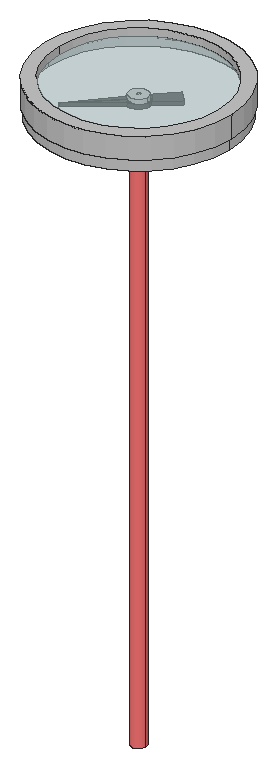
Revit family "РОСМА_ТермометрОбщетехническийСпециальный(Шток)", category Арматура трубопроводов, Revit 2018
Family settings
  Размер круглого соединителя = Использовать диаметр
  Тип детали = Вставляется
  На основе рабочей плоскости = Нет
  Всегда вертикально = Да
  При загрузке вырезать с полостями = Нет
  Общий = Нет
Parameters (values of type "23.220")
  лого_задн_стенка = no
  Техническая документация = "ТУ 4211-001-4719015564-2008"  # constant formula
  Присоединение = "Шток в виде иглы"
  Межповерочный интервал = "3 года"  # constant formula
  Климатическое исполнение = "Группа С2 по ГОСТ Р 52931; климатическое исполнение УХЛ категории 2.1 по ГОСТ 15150"  # constant formula
  Диапазон раб. температур = "от -10°С до +60°С"  # constant formula
  Осевое присоединение = yes
  Описание = "Тип БТ, серия 220. Биметаллический коррозионностойкий термометр со штоком в виде иглы (погружной термометр) предназначен для измерения температуры густых, сыпучих и вязких сред."  # constant formula
  Код IP = "IP43"  # constant formula
  Класс точности = "2,5"  # constant formula
  Изготовитель = "ЗАО \"РОСМА\""
  S1 = S * 2 / 3 ^ (1 / 2)  # 13.856 mm
  Dполости_переднСт = D2 - 6 mm  # 45 mm
  Длина стрелки = D2 / 2 - 10 mm  # 15.5 mm
  Группа модели = "Оборудование"
  e = 6 mm
  b-e = b - e  # 3 mm
  b = 9 mm
  URL = "https://rosma.spb.ru/termometers/seriya_220_obschetehnicheskie_spetsialnye_so_shtokom/"
  S = 12 mm
  R_Logo = 10 mm
  R2 шкала = 17 mm
  R1 шкала = 18 mm
  h_rezba = 15 mm
  L = 150 mm
  L1 = 3 mm
  Dgol = 18 mm
  D4 = 4 mm
  D2 = 51 mm
  D2/2 = 30 mm
  D1 = 52 mm
  D = 50 mm
  Copyright = "EPICON"  # constant formula
  Author (e-mail) = "project@epicon.biz"  # constant formula
  ADSK_Примечание [instance] = ""
  ADSK_Позиция [instance] = ""
  ADSK_Наименование [instance] = "Термометр БТ-23.220"  # constant formula
  ADSK_Масса_Текст [instance] = "0,15"  # constant formula
  ADSK_Марка [instance] = "БТ-23.220(0-200С)150.2,5"  # constant formula
  ADSK_Количество = 1  # constant formula
  ADSK_Код изделия [instance] = " "
  ADSK_Завод-изготовитель [instance] = Изготовитель  # "ЗАО \"РОСМА\""
  ADSK_Единица измерения = "шт."
Reference planes
  plane 1 "По центру (Вперед/Назад)": y = 0
  plane 2: z = 0
  plane 3 "По центру (Влево/Вправо)": x = 0
  plane 4 "b1": y = 15.6
  plane 5 "f2": y = -33.4
  plane 6 "f1": y = -15.6
  plane 7 "стекло": y = -31.4
  plane 8 "Табло": y = -16.6
  plane 9 "sr": x = 6.928
  plane 10 "sl": x = -6.928
  plane 11 "sb": y = 6
  plane 12 "sf": y = -6
  plane 13 "низкорпуса": z = 8
  plane 14: z = -150
  plane 15: z = 59.422
  plane 16: through (-10.601, -0.638, 1200) normal (0.866, 0.5, 0)
  plane 17: through (-14.234, 1.655, 1200) normal (0.866, 0.5, 0)
  plane 18: through (-17.427, 3.184, 1200) normal (0.866, 0.5, 0)
  plane 19: z = 5
Forms (mm)
  Extrusion 1, solid, material "_Краска Белый металлик", detail levels fine
    sketch origin (0, 0, 8) x (-1, 0, 0) y (0, -1, 0)
      loop
        line (6.928, -6) -> (6.928, 6) -> (-6.928, 6) -> (-6.928, -6) -> (6.928, -6)
    from -3 to -8
  Extrusion 2, solid, material "_Краска красная", detail levels fine
    sketch origin (-21.391, -1524, 2) x (-1, 0, 0) y (0, -1, 0)
      loop
        circle (-21.391, -1524) r 2
    from -152 to -2
  Extrusion 3, void
    sketch origin (61.795, -1418.285, 2) x (-1, 0, 0) y (0, -1, 0)
      loop
        line (106.56, -1443.285) -> (106.56, -1393.285) -> (54.29, -1393.285) -> (68.723, -1418.285) -> (54.29, -1443.285) -> (106.56, -1443.285)
    from -2 to 3
  Extrusion 4, void
    sketch origin (-65.061, -1538.635, 2) x (-1, 0, 0) y (0, -1, 0)
      loop
        line (-116.489, -1563.635) -> (-57.555, -1563.635) -> (-71.989, -1538.635) -> (-57.555, -1513.635) -> (-116.489, -1513.635) -> (-116.489, -1563.635)
    from -2 to 3
  Extrusion 5, solid, material "_Краска Белый металлик", detail levels fine
    sketch origin (-21.391, -1524, 2) x (-1, 0, 0) y (0, -1, 0)
      loop
        circle (-21.391, -1524) r 15
    from 3 to 6
Cuts and joins
  Extrusion 3, Extrusion 4 cuts Extrusion 1
Lines and regions (mm)
  reference lines
    curve 1: circle (0, 0, 8) r 10 normal (0, 0, 1)
Dimensions and locks
  plane 5 "f2" to plane 1 "По центру (Вперед/Назад)" = 33.4 mm
  plane 1 "По центру (Вперед/Назад)" to plane 6 "f1" = 15.6 mm
  plane 4 "b1" to plane 1 "По центру (Вперед/Назад)" = 15.6 mm
  plane 7 "стекло" to plane 5 "f2" = 2 mm
  locked: plane 6 "f1" to plane 8 "Табло" at 1
  plane 3 "По центру (Влево/Вправо)" to plane 9 "sr" = 6.928 mm
  plane 10 "sl" to plane 3 "По центру (Влево/Вправо)" = 6.928 mm
  plane 13 "низкорпуса" to plane 19 = 3 mm
  equal spacing: plane 11 "sb", plane 1 "По центру (Вперед/Назад)", plane 12 "sf"
  equal spacing: plane 10 "sl", plane 3 "По центру (Влево/Вправо)", plane 9 "sr"
  "S1": plane 10 "sl" to plane 9 "sr"
  "S": plane 11 "sb" to plane 12 "sf"
  plane 15 to plane 13 "низкорпуса" = 51.422 mm
  equal spacing: Extrusion 3 sketch curve, Extrusion 3 sketch curve, Extrusion 3 sketch curve
  equal spacing: Extrusion 3, plane 1 "По центру (Вперед/Назад)", Extrusion 3
  equal spacing: Extrusion 4, plane 1 "По центру (Вперед/Назад)", Extrusion 4
  Extrusion 4 to Extrusion 4 = 50 mm
  Extrusion 3 to Extrusion 3 = 50 mm
  equal spacing: Extrusion 4 sketch curve, Extrusion 4 sketch curve, Extrusion 4 sketch curve
  "L": plane 2 to plane 14
  plane 16 to plane 17 to plane 18 = 2 mm, 2 mm
  plane 19 to plane 2 = 5 mm
  "D4": diameter of Extrusion 2 sketch curve
  "D2/2": diameter of Extrusion 5 sketch curve
  angle Extrusion 3 sketch curve to Extrusion 3 sketch curve = 120.00°
  angle Extrusion 3 sketch curve to Extrusion 3 sketch curve = 60.00°  (x2)
  angle Extrusion 4 sketch curve to Extrusion 4 sketch curve = 60.00°  (x2)
  angle Extrusion 4 sketch curve to Extrusion 4 sketch curve = 120.00°
  aligned and locked: level to plane 2
  aligned and locked: Extrusion 2 to plane 14
  aligned and locked: cut or joined group of Extrusion 1, Extrusion 3, Extrusion 4 to plane 2
  aligned and locked: plane 2 to Extrusion 2
  aligned and locked: nested 1 to plane 13 "низкорпуса"
  aligned and locked: plane 3 "По центру (Влево/Вправо)" to nested 1
  aligned and locked: plane 1 "По центру (Вперед/Назад)" to nested 1
  aligned and locked: Extrusion 3 to plane 2
  aligned and locked: Extrusion 4 to plane 2
  aligned and locked: plane 1 "По центру (Вперед/Назад)" to Extrusion 4
  aligned and locked: plane 9 "sr" to Extrusion 4
  aligned and locked: cut or joined group of Extrusion 1, Extrusion 3, Extrusion 4 to plane 19
  aligned and locked: Extrusion 4 to Extrusion 1
  aligned and locked: Extrusion 3 to Extrusion 1
  aligned and locked: plane 19 to Extrusion 5
  aligned and locked: plane 13 "низкорпуса" to Extrusion 5
  aligned and locked: plane 3 "По центру (Влево/Вправо)" to nested 2
  aligned and locked: plane 1 "По центру (Вперед/Назад)" to nested 2
Automatic sketch dimensions
  Extrusion 1 sketch curve to plane 9 "sr" = 0 mm
  Extrusion 1 sketch curve to plane 10 "sl" = 0 mm
  Extrusion 1 sketch curve to plane 11 "sb" = 0 mm
  Extrusion 1 sketch curve to plane 12 "sf" = 0 mm
  plane 1 "По центру (Вперед/Назад)" to curve 1 = 0 mm
  curve 1 to plane 3 "По центру (Влево/Вправо)" = 0 mm
  plane 1 "По центру (Вперед/Назад)" to Extrusion 2 sketch curve = 0 mm
  Extrusion 2 sketch curve to plane 3 "По центру (Влево/Вправо)" = 0 mm
  plane 1 "По центру (Вперед/Назад)" to Extrusion 3 sketch curve = 0 mm
  Extrusion 3 sketch curve to plane 10 "sl" = 0 mm
  plane 5 "f2" to Extrusion 3 sketch curve = 8.4 mm
  Extrusion 3 sketch curve to plane 10 "sl" = 37.837 mm
  Extrusion 4 sketch curve to plane 11 "sb" = 6 mm
  Extrusion 4 sketch curve to plane 9 "sr" = 14.434 mm
  Extrusion 4 sketch curve to Extrusion 4 sketch curve = 44.5 mm
  plane 9 "sr" to Extrusion 4 sketch curve = 0 mm
  plane 1 "По центру (Вперед/Назад)" to Extrusion 5 sketch curve = 0 mm
  Extrusion 5 sketch curve to plane 3 "По центру (Влево/Вправо)" = 0 mm
  radius of curve 1 = 10 mm
Nested families
  nested 1: "КорпусТермометраОбщетехническСпец(Шток)" at (0, 0, 9.5) x (1, 0, 0) z (0, 1, 0), visible <- "Осевое присоединение", D1 <- "D1", D2 <- "D2", R2_шкала <- "R2 шкала", R1_шкала <- "R1 шкала", Длина стрелки <- "Длина стрелки", Диаметр полости <- "D2", R_лого <- "R_Logo", e <- "e", b-е <- "b-e", лого_задн_стенка <- "лого_задн_стенка", Dполости_переднСт <- "Dполости_переднСт", type "ТМ", detail levels fine
    with лого_задн_стенка no, Угол раскрытия 0.00°, Длина стрелки 15.5 mm, Диаметр полости 51 mm, e 6 mm, b-е 3 mm, R_лого 10 mm, R2_шкала 17 mm, R1_шкала 18 mm, N2_шкала 0, N1_шкала 0, Dполости_переднСт 45 mm, D2 51 mm, D1 52 mm
  nested 2: "DAA_УГО_ТермометрПоказывающий_ГОСТ21.208-2013" at (0, 0, 0), type "DAA_УГО_ТермометрПоказывающий_ГОСТ21.208-2013", detail levels coarse+medium
Definition of nested family "КорпусТермометраОбщетехническСпец(Шток)"
  Parameters (values of type "ТМ")
    лого_задн_стенка [instance] = yes
    блокировка = 16.236 mm
    блок = 0 mm
    Угол раскрытия [instance] = 0.00°
    Description = ""
    Материал корпуса [instance] = none
    Manufacturer = ""
    Длина стрелки [instance] = 30.558 mm
    Диаметр полости [instance] = 98 mm
    Model = "Оборудование"
    e [instance] = 13.8 mm
    b-е [instance] = 31.2 mm
    URL = ""
    R_лого [instance] = 21.593 mm
    N2_шкала [instance] = 0
    N1_шкала [instance] = 0
    Dполости_переднСт [instance] = 70 mm
    D2 [instance] = 98 mm
    D1 [instance] = 100 mm
    Copyright = "ЭПИКОН"  # constant formula
    Author (e-mail) = "https://epicon.biz"  # constant formula
    R2_шкала [instance] = 80 mm
    R1_шкала [instance] = 60 mm
  Reference planes
    plane 1 "По центру (Вперед/Назад)": y = 0
    plane 2: z = 0
    plane 3 "По центру (Влево/Вправо)": x = 0
    plane 4 "задняя стенка": y = 15.6
    plane 5 "f2": y = -29.4
    plane 6 "f1": y = -15.6
    plane 7 "стекло": y = -27.4
    plane 8 "Табло": y = -16.6
    plane 9 "sr": x = 11
    plane 10 "sl": x = -11
    plane 11 "sb": y = 11
    plane 12 "sf": y = -11
    plane 13: z = -49
    plane 14: through (-2.116, -1524, -0.789) normal (0.7071, 0, 0.7071)
    plane 15: through (0, -1524, 0) normal (0.7071, 0, -0.7071)
    plane 16: through (-25.815, -1524, -20.305) normal (0.7071, 0, 0.7071)
    plane 17: y = 15.6
    plane 18 "толщина стрелки": y = -16.6
    plane 19: through (-0.014, -1523, -0.013) normal (0.7071, 0, -0.7071)
  Forms (mm)
    Extrusion 1, void
      sketch origin (-603.868, 0, -179.968) x (1, 0, 0) y (0, 0, 1)
        loop
          circle (603.868, 179.968) r 49
      from 15.6 to 27.4
    Extrusion 2, solid, detail levels fine
      sketch origin (-355.068, -27.4, -174.854) x (-1, 0, 0) y (0, 0, 1)
        loop
          circle (-355.068, 174.854) r 49
      from 0 to 2
    Extrusion 3, solid, material <- "Материал корпуса", detail levels fine
      sketch origin (-402.089, 0, -169.881) x (1, 0, 0) y (0, 0, 1)
        loop
          circle (402.089, 169.881) r 50
      from 15.6 to 29.4
    Extrusion 4, solid, material <- "Материал корпуса", detail levels fine
      sketch origin (-312.609, 0, -285.527) x (1, 0, 0) y (0, 0, 1)
        loop
          circle (312.609, 285.527) r 49
      from -15.6 to 15.6
    Extrusion 5, solid
      sketch origin (0, -16.6, 0) x (-1, 0, 0) y (0, 0, 1)
        loop
          line (23.06, -23.06) -> (2.291, -0.614) -> (1.452, -1.452) -> (23.06, -23.06)
      from 0 to 1
    Extrusion 6, solid
      sketch origin (0, -16.6, 0) x (0, 0, -1) y (-1, 0, 0)
        loop
          line (23.06, 23.06) -> (1.452, 1.452) -> (2.291, 0.614) -> (23.06, 23.06)
      from 0 to 1
    Extrusion 7, void
      sketch origin (0, -16.6, 0) x (-1, 0, 0) y (0, 0, 1)
        loop
          circle (0, 0) r 35
      from -12.8 to -10.8
    Extrusion 8, solid, detail levels fine
      sketch origin (-312.609, -15.6, -285.527) x (1, 0, 0) y (0, 0, 1)
        loop
          circle (312.589, 285.493) r 3
      from 0 to 1
    Extrusion 9, solid
      sketch origin (55.631, -16.6, 0) x (1, 0, 0) y (0, 0, 1)
        loop
          circle (-55.684, 0) r 2.5
        loop
          circle (-55.698, 0.013) r 0.5
      from -1 to 1
    Extrusion 10, solid
      sketch origin (-312.609, -15.6, -285.527) x (1, 0, 0) y (0, 0, 1)
        loop
          line (309.884, 284.517) -> (311.629, 282.771) -> (321.154, 290.763) -> (318.183, 293.734) -> (309.884, 284.517)
      from 0 to 1
  Cuts and joins
    Extrusion 1, Extrusion 7 cuts Extrusion 3
  Lines and regions (mm)
    model lines, visible <- "лого_задн_стенка", not visible
      curve 1: line (97.62, 15.6, 6.514) -> (97.62, 15.6, 2.045)
      curve 2: line (97.62, 15.6, 2.045) -> (96.54, 15.6, 2.045)
      curve 3: line (96.54, 15.6, 2.045) -> (96.54, 15.6, 3.335)
      curve 4: line (96.54, 15.6, 3.335) -> (95.49, 15.6, 3.335)
      curve 5: line (95.712, 15.6, 6.514) -> (97.62, 15.6, 6.514)
      curve 6: arc (95.712, 15.6, 6.514) -> (94.35, 15.6, 5.012) -> (95.49, 15.6, 3.335) r 1.639
      curve 7: line (95.834, 15.6, 5.755) -> (96.697, 15.6, 5.755)
      curve 8: line (96.697, 15.6, 5.755) -> (96.697, 15.6, 4.198)
      curve 9: line (96.697, 15.6, 4.198) -> (95.834, 15.6, 4.198)
      curve 10: arc (95.834, 15.6, 5.755) -> (95.056, 15.6, 4.977) -> (95.834, 15.6, 4.198) r 0.779
      curve 11: circle (91.712, 15.6, 4.198) r 2.25 normal (0, -1, 0)
      curve 12: circle (91.712, 15.6, 4.198) r 1.301 normal (0, -1, 0)
      curve 13: arc (85.593, 15.6, 5.171) -> (87.99, 15.6, 4.265) -> (85.603, 15.6, 3.335) r 1.372
      curve 14: arc (84.964, 15.6, 2.754) -> (88.939, 15.6, 4.277) -> (84.964, 15.6, 5.801) r 2.28
      curve 15: line (84.964, 15.6, 5.801) -> (85.593, 15.6, 5.171)
      curve 16: line (85.603, 15.6, 3.335) -> (84.964, 15.6, 2.754)
      curve 17: line (84.167, 15.6, 2.029) -> (84.167, 15.6, 6.597)
      curve 18: line (84.167, 15.6, 6.597) -> (83.045, 15.6, 6.597)
      curve 19: line (83.045, 15.6, 6.597) -> (81.77, 15.6, 3.983)
      curve 20: line (81.77, 15.6, 3.983) -> (80.438, 15.6, 6.597)
      curve 21: line (80.438, 15.6, 6.597) -> (79.394, 15.6, 6.597)
      curve 22: line (79.394, 15.6, 6.597) -> (79.394, 15.6, 2.029)
      curve 23: line (79.394, 15.6, 2.029) -> (80.365, 15.6, 2.029)
      curve 24: line (80.365, 15.6, 2.029) -> (80.365, 15.6, 4.099)
      curve 25: line (80.365, 15.6, 4.099) -> (81.305, 15.6, 2.595)
      curve 26: line (81.305, 15.6, 2.595) -> (82.194, 15.6, 2.595)
      curve 27: line (82.194, 15.6, 2.595) -> (83.119, 15.6, 4.134)
      curve 28: line (83.119, 15.6, 4.134) -> (83.119, 15.6, 2.029)
      curve 29: line (83.119, 15.6, 2.029) -> (84.167, 15.6, 2.029)
      curve 30: line (78.906, 15.6, 2.029) -> (77.704, 15.6, 6.517)
      curve 31: line (77.704, 15.6, 6.517) -> (76.253, 15.6, 6.517)
      curve 32: line (76.253, 15.6, 6.517) -> (75.05, 15.6, 2.029)
      curve 33: line (75.05, 15.6, 2.029) -> (76.023, 15.6, 2.029)
      curve 34: line (76.023, 15.6, 2.029) -> (76.374, 15.6, 3.173)
      curve 35: line (76.374, 15.6, 3.173) -> (77.569, 15.6, 3.173)
      curve 36: line (77.569, 15.6, 3.173) -> (77.92, 15.6, 2.029)
      curve 37: line (77.92, 15.6, 2.029) -> (78.906, 15.6, 2.029)
      curve 38: line (77.47, 15.6, 4.202) -> (76.506, 15.6, 4.202)
      curve 39: line (76.506, 15.6, 4.202) -> (76.95, 15.6, 5.65)
      curve 40: line (76.95, 15.6, 5.65) -> (77.47, 15.6, 4.202)
      curve 41: arc (87.126, 15.6, 18.346) -> (89.931, 15.6, 13.899) -> (85.119, 15.6, 11.78) r 3.471
      curve 42: arc (87.164, 15.6, 20.585) -> (92.034, 15.6, 12.938) -> (83.388, 15.6, 10.21) r 5.715
      curve 43: line (83.388, 15.6, 10.21) -> (85.119, 15.6, 11.78)
      curve 44: line (87.126, 15.6, 18.346) -> (87.126, 15.6, 17.124)
      curve 45: line (87.126, 15.6, 17.124) -> (84.252, 15.6, 19.536)
      curve 46: line (84.252, 15.6, 19.536) -> (87.126, 15.6, 21.948)
      curve 47: line (87.126, 15.6, 21.948) -> (87.164, 15.6, 20.585)
      curve 48: arc (83.468, 15.6, 20.663) -> (79.577, 15.6, 17.734) -> (82.187, 15.6, 13.622) r 3.59
      curve 49: arc (82.763, 15.6, 18.317) -> (81.865, 15.6, 17.051) -> (82.819, 15.6, 15.827) r 1.3
      curve 50: line (83.468, 15.6, 20.663) -> (82.175, 15.6, 19.499)
      curve 51: line (82.175, 15.6, 19.499) -> (83.518, 15.6, 18.332)
      curve 52: line (83.518, 15.6, 18.332) -> (82.763, 15.6, 18.317)
      curve 53: line (82.819, 15.6, 15.827) -> (86.12, 15.6, 15.827)
      curve 54: line (86.12, 15.6, 15.827) -> (86.917, 15.6, 15.03)
      curve 55: line (86.917, 15.6, 15.03) -> (81.209, 15.6, 9.322)
      curve 56: line (81.209, 15.6, 9.322) -> (79.962, 15.6, 11.397)
      curve 57: line (79.962, 15.6, 11.397) -> (82.187, 15.6, 13.622)
    model lines, detail levels fine
      curve 58: line (60.033, -15.6, -60.174) -> (58.238, -15.6, -58.379)
      curve 59: line (-60.174, -15.6, -60.033) -> (-58.379, -15.6, -58.238)
      curve 60: line (63.15, -15.6, -56.894) -> (61.262, -15.6, -55.197)
      curve 61: line (66.088, -15.6, -53.453) -> (64.113, -15.6, -51.858)
      curve 62: line (68.885, -15.6, -49.797) -> (66.826, -15.6, -48.312)
      curve 63: line (71.452, -15.6, -46.038) -> (69.316, -15.6, -44.666)
      curve 64: line (73.813, -15.6, -42.148) -> (71.607, -15.6, -40.892)
      curve 65: line (75.963, -15.6, -38.137) -> (73.693, -15.6, -37)
      curve 66: line (77.896, -15.6, -34.016) -> (75.568, -15.6, -33.003)
      curve 67: line (79.605, -15.6, -29.798) -> (77.226, -15.6, -28.911)
      curve 68: line (81.086, -15.6, -25.494) -> (78.663, -15.6, -24.736)
      curve 69: line (82.334, -15.6, -21.118) -> (79.874, -15.6, -20.49)
      curve 70: line (83.346, -15.6, -16.681) -> (80.857, -15.6, -16.185)
      curve 71: line (84.12, -15.6, -12.196) -> (81.607, -15.6, -11.835)
      curve 72: line (84.652, -15.6, -7.676) -> (82.123, -15.6, -7.45)
      curve 73: line (84.941, -15.6, -3.134) -> (82.404, -15.6, -3.043)
      curve 74: line (84.987, -15.6, 1.417) -> (82.449, -15.6, 1.372)
      curve 75: line (84.79, -15.6, 5.964) -> (82.258, -15.6, 5.783)
      curve 76: line (84.349, -15.6, 10.494) -> (81.83, -15.6, 10.177)
      curve 77: line (83.666, -15.6, 14.993) -> (81.168, -15.6, 14.543)
      curve 78: line (82.744, -15.6, 19.45) -> (80.273, -15.6, 18.866)
      curve 79: line (81.584, -15.6, 23.851) -> (79.149, -15.6, 23.136)
      curve 80: line (80.191, -15.6, 28.183) -> (77.797, -15.6, 27.339)
      curve 81: line (78.567, -15.6, 32.435) -> (76.222, -15.6, 31.464)
      curve 82: line (76.718, -15.6, 36.594) -> (74.429, -15.6, 35.498)
      curve 83: line (74.65, -15.6, 40.648) -> (72.422, -15.6, 39.431)
      curve 84: line (72.367, -15.6, 44.585) -> (70.208, -15.6, 43.251)
      curve 85: line (69.877, -15.6, 48.395) -> (67.792, -15.6, 46.947)
      curve 86: line (67.187, -15.6, 52.065) -> (65.182, -15.6, 50.508)
      curve 87: line (64.304, -15.6, 55.587) -> (62.385, -15.6, 53.924)
      curve 88: line (61.236, -15.6, 58.949) -> (59.409, -15.6, 57.186)
      curve 89: line (57.993, -15.6, 62.142) -> (56.263, -15.6, 60.284)
      curve 90: line (54.584, -15.6, 65.157) -> (52.956, -15.6, 63.209)
      curve 91: line (51.018, -15.6, 67.985) -> (49.497, -15.6, 65.953)
      curve 92: line (47.306, -15.6, 70.618) -> (45.896, -15.6, 68.508)
      curve 93: line (43.459, -15.6, 73.049) -> (42.163, -15.6, 70.866)
      curve 94: line (39.486, -15.6, 75.271) -> (38.31, -15.6, 73.021)
      curve 95: line (35.401, -15.6, 77.276) -> (34.346, -15.6, 74.967)
      curve 96: line (31.214, -15.6, 79.06) -> (30.285, -15.6, 76.698)
      curve 97: line (26.938, -15.6, 80.618) -> (26.136, -15.6, 78.209)
      curve 98: line (22.584, -15.6, 81.944) -> (21.912, -15.6, 79.496)
      curve 99: line (18.166, -15.6, 83.035) -> (17.626, -15.6, 80.555)
      curve 100: line (13.695, -15.6, 83.888) -> (13.289, -15.6, 81.383)
      curve 101: line (9.186, -15.6, 84.501) -> (8.914, -15.6, 81.977)
      curve 102: line (4.65, -15.6, 84.872) -> (4.514, -15.6, 82.337)
      curve 103: line (0.1, -15.6, 84.999) -> (0.1, -15.6, 82.461)
      curve 104: line (-4.449, -15.6, 84.883) -> (-4.314, -15.6, 82.348)
      curve 105: line (-8.986, -15.6, 84.523) -> (-8.715, -15.6, 81.999)
      curve 106: line (-13.498, -15.6, 83.921) -> (-13.091, -15.6, 81.415)
      curve 107: line (-17.97, -15.6, 83.078) -> (-17.43, -15.6, 80.597)
      curve 108: line (-22.391, -15.6, 81.997) -> (-21.719, -15.6, 79.549)
      curve 109: line (-26.748, -15.6, 80.681) -> (-25.946, -15.6, 78.272)
      curve 110: line (-31.028, -15.6, 79.134) -> (-30.098, -15.6, 76.771)
      curve 111: line (-35.219, -15.6, 77.359) -> (-34.164, -15.6, 75.05)
      curve 112: line (-39.309, -15.6, 75.363) -> (-38.132, -15.6, 73.114)
      curve 113: line (-43.286, -15.6, 73.151) -> (-41.991, -15.6, 70.968)
      curve 114: line (-47.14, -15.6, 70.73) -> (-45.729, -15.6, 68.619)
      curve 115: line (-50.858, -15.6, 68.105) -> (-49.337, -15.6, 66.073)
      curve 116: line (-54.43, -15.6, 65.285) -> (-52.802, -15.6, 63.338)
      curve 117: line (-57.847, -15.6, 62.279) -> (-56.117, -15.6, 60.421)
      curve 118: line (-61.097, -15.6, 59.093) -> (-59.27, -15.6, 57.33)
      curve 119: line (-64.172, -15.6, 55.738) -> (-62.254, -15.6, 54.076)
      curve 120: line (-67.064, -15.6, 52.224) -> (-65.059, -15.6, 50.666)
      curve 121: line (-69.763, -15.6, 48.559) -> (-67.678, -15.6, 47.111)
      curve 122: line (-72.262, -15.6, 44.756) -> (-70.102, -15.6, 43.421)
      curve 123: line (-74.554, -15.6, 40.824) -> (-72.326, -15.6, 39.607)
      curve 124: line (-76.632, -15.6, 36.775) -> (-74.342, -15.6, 35.679)
      curve 125: line (-78.491, -15.6, 32.62) -> (-76.145, -15.6, 31.649)
      curve 126: line (-80.124, -15.6, 28.372) -> (-77.73, -15.6, 27.528)
      curve 127: line (-81.528, -15.6, 24.043) -> (-79.092, -15.6, 23.328)
      curve 128: line (-82.698, -15.6, 19.645) -> (-80.227, -15.6, 19.061)
      curve 129: line (-83.631, -15.6, 15.19) -> (-81.133, -15.6, 14.74)
      curve 130: line (-84.324, -15.6, 10.692) -> (-81.805, -15.6, 10.376)
      curve 131: line (-84.775, -15.6, 6.164) -> (-82.243, -15.6, 5.983)
      curve 132: line (-84.984, -15.6, 1.617) -> (-82.446, -15.6, 1.572)
      curve 133: line (-84.948, -15.6, -2.934) -> (-82.412, -15.6, -2.843)
      curve 134: line (-84.67, -15.6, -7.476) -> (-82.141, -15.6, -7.25)
      curve 135: line (-84.148, -15.6, -11.997) -> (-81.635, -15.6, -11.636)
      curve 136: line (-83.385, -15.6, -16.484) -> (-80.896, -15.6, -15.989)
      curve 137: line (-82.383, -15.6, -20.924) -> (-79.924, -15.6, -20.296)
      curve 138: line (-81.145, -15.6, -25.303) -> (-78.723, -15.6, -24.545)
      curve 139: line (-79.675, -15.6, -29.61) -> (-77.296, -15.6, -28.723)
      curve 140: line (-77.976, -15.6, -33.832) -> (-75.648, -15.6, -32.819)
      curve 141: line (-76.053, -15.6, -37.957) -> (-73.783, -15.6, -36.821)
      curve 142: line (-73.912, -15.6, -41.974) -> (-71.707, -15.6, -40.718)
      curve 143: line (-71.56, -15.6, -45.87) -> (-69.424, -15.6, -44.497)
      curve 144: line (-69.002, -15.6, -49.634) -> (-66.943, -15.6, -48.149)
      curve 145: line (-66.247, -15.6, -53.256) -> (-64.27, -15.6, -51.663)
      curve 146: line (-63.301, -15.6, -56.726) -> (-61.413, -15.6, -55.029)
      curve 147: line (43.52, -15.6, -43.52) -> (41.332, -15.6, -41.332)
      curve 148: line (-43.52, -15.6, -43.52) -> (-41.332, -15.6, -41.332)
      curve 149: line (60.365, -15.6, -12.007) -> (57.33, -15.6, -11.404)
      curve 150: line (56.862, -15.6, 23.553) -> (54.003, -15.6, 22.369)
      curve 151: line (34.194, -15.6, 51.175) -> (32.475, -15.6, 48.602)
      curve 152: line (0, -15.6, 61.547) -> (0, -15.6, 58.453)
      curve 153: line (-34.194, -15.6, 51.175) -> (-32.475, -15.6, 48.602)
      curve 154: line (-56.862, -15.6, 23.553) -> (-54.003, -15.6, 22.369)
      curve 155: line (-60.365, -15.6, -12.007) -> (-57.33, -15.6, -11.404)
    model lines, not visible, detail levels fine
      curve 156: line (248.297, -16.6, -114.05) -> (246.109, -16.6, -111.861)
      curve 157: line (264.809, -16.6, -130.703) -> (263.014, -16.6, -128.908)
      curve 217: line (60.033, -16.6, -60.174) -> (58.238, -16.6, -58.379)
      curve 218: line (-60.174, -16.6, -60.033) -> (-58.379, -16.6, -58.238)
      curve 219: line (63.15, -16.6, -56.894) -> (61.262, -16.6, -55.197)
      curve 220: line (66.088, -16.6, -53.453) -> (64.113, -16.6, -51.858)
      curve 221: line (68.885, -16.6, -49.797) -> (66.826, -16.6, -48.312)
      curve 222: line (71.452, -16.6, -46.038) -> (69.316, -16.6, -44.666)
      curve 223: line (73.813, -16.6, -42.148) -> (71.607, -16.6, -40.892)
      curve 224: line (75.963, -16.6, -38.137) -> (73.693, -16.6, -37)
      curve 225: line (77.896, -16.6, -34.016) -> (75.568, -16.6, -33.003)
      curve 226: line (79.605, -16.6, -29.798) -> (77.226, -16.6, -28.911)
      curve 227: line (81.086, -16.6, -25.494) -> (78.663, -16.6, -24.736)
      curve 228: line (82.334, -16.6, -21.118) -> (79.874, -16.6, -20.49)
      curve 229: line (83.346, -16.6, -16.681) -> (80.857, -16.6, -16.185)
      curve 230: line (84.12, -16.6, -12.196) -> (81.607, -16.6, -11.835)
      curve 231: line (84.652, -16.6, -7.676) -> (82.123, -16.6, -7.45)
      curve 232: line (84.941, -16.6, -3.134) -> (82.404, -16.6, -3.043)
      curve 233: line (84.987, -16.6, 1.417) -> (82.449, -16.6, 1.372)
      curve 234: line (84.79, -16.6, 5.964) -> (82.258, -16.6, 5.783)
      curve 235: line (84.349, -16.6, 10.494) -> (81.83, -16.6, 10.177)
      curve 236: line (83.666, -16.6, 14.993) -> (81.168, -16.6, 14.543)
      curve 237: line (82.744, -16.6, 19.45) -> (80.273, -16.6, 18.866)
      curve 238: line (81.584, -16.6, 23.851) -> (79.149, -16.6, 23.136)
      curve 239: line (80.191, -16.6, 28.183) -> (77.797, -16.6, 27.339)
      curve 240: line (78.567, -16.6, 32.435) -> (76.222, -16.6, 31.464)
      curve 241: line (76.718, -16.6, 36.594) -> (74.429, -16.6, 35.498)
      curve 242: line (74.65, -16.6, 40.648) -> (72.422, -16.6, 39.431)
      curve 243: line (72.367, -16.6, 44.585) -> (70.208, -16.6, 43.251)
      curve 244: line (69.877, -16.6, 48.395) -> (67.792, -16.6, 46.947)
      curve 245: line (67.187, -16.6, 52.065) -> (65.182, -16.6, 50.508)
      curve 246: line (64.304, -16.6, 55.587) -> (62.385, -16.6, 53.924)
      curve 247: line (61.236, -16.6, 58.949) -> (59.409, -16.6, 57.186)
      curve 248: line (57.993, -16.6, 62.142) -> (56.263, -16.6, 60.284)
      curve 249: line (54.584, -16.6, 65.157) -> (52.956, -16.6, 63.209)
      curve 250: line (51.018, -16.6, 67.985) -> (49.497, -16.6, 65.953)
      curve 251: line (47.306, -16.6, 70.618) -> (45.896, -16.6, 68.508)
      curve 252: line (43.459, -16.6, 73.049) -> (42.163, -16.6, 70.866)
      curve 253: line (39.486, -16.6, 75.271) -> (38.31, -16.6, 73.021)
      curve 254: line (35.401, -16.6, 77.276) -> (34.346, -16.6, 74.967)
      curve 255: line (31.214, -16.6, 79.06) -> (30.285, -16.6, 76.698)
      curve 256: line (26.938, -16.6, 80.618) -> (26.136, -16.6, 78.209)
      curve 257: line (22.584, -16.6, 81.944) -> (21.912, -16.6, 79.496)
      curve 258: line (18.166, -16.6, 83.035) -> (17.626, -16.6, 80.555)
      curve 259: line (13.695, -16.6, 83.888) -> (13.289, -16.6, 81.383)
      curve 260: line (9.186, -16.6, 84.501) -> (8.914, -16.6, 81.977)
      curve 261: line (4.65, -16.6, 84.872) -> (4.514, -16.6, 82.337)
      curve 262: line (0.1, -16.6, 84.999) -> (0.1, -16.6, 82.461)
      curve 263: line (-4.449, -16.6, 84.883) -> (-4.314, -16.6, 82.348)
      curve 264: line (-8.986, -16.6, 84.523) -> (-8.715, -16.6, 81.999)
      curve 265: line (-13.498, -16.6, 83.921) -> (-13.091, -16.6, 81.415)
      curve 266: line (-17.97, -16.6, 83.078) -> (-17.43, -16.6, 80.597)
      curve 267: line (-22.391, -16.6, 81.997) -> (-21.719, -16.6, 79.549)
      curve 268: line (-26.748, -16.6, 80.681) -> (-25.946, -16.6, 78.272)
      curve 269: line (-31.028, -16.6, 79.134) -> (-30.098, -16.6, 76.771)
      curve 270: line (-35.219, -16.6, 77.359) -> (-34.164, -16.6, 75.05)
      curve 271: line (-39.309, -16.6, 75.363) -> (-38.132, -16.6, 73.114)
      curve 272: line (-43.286, -16.6, 73.151) -> (-41.991, -16.6, 70.968)
      curve 273: line (-47.14, -16.6, 70.73) -> (-45.729, -16.6, 68.619)
      curve 274: line (-50.858, -16.6, 68.105) -> (-49.337, -16.6, 66.073)
      curve 275: line (-54.43, -16.6, 65.285) -> (-52.802, -16.6, 63.338)
      curve 276: line (-57.847, -16.6, 62.279) -> (-56.117, -16.6, 60.421)
      curve 277: line (-61.097, -16.6, 59.093) -> (-59.27, -16.6, 57.33)
      curve 278: line (-64.172, -16.6, 55.738) -> (-62.254, -16.6, 54.076)
      curve 279: line (-67.064, -16.6, 52.224) -> (-65.059, -16.6, 50.666)
      curve 280: line (-69.763, -16.6, 48.559) -> (-67.678, -16.6, 47.111)
      curve 281: line (-72.262, -16.6, 44.756) -> (-70.102, -16.6, 43.421)
      curve 282: line (-74.554, -16.6, 40.824) -> (-72.326, -16.6, 39.607)
      curve 283: line (-76.632, -16.6, 36.775) -> (-74.342, -16.6, 35.679)
      curve 284: line (-78.491, -16.6, 32.62) -> (-76.145, -16.6, 31.649)
      curve 285: line (-80.124, -16.6, 28.372) -> (-77.73, -16.6, 27.528)
      curve 286: line (-81.528, -16.6, 24.043) -> (-79.092, -16.6, 23.328)
      curve 287: line (-82.698, -16.6, 19.645) -> (-80.227, -16.6, 19.061)
      curve 288: line (-83.631, -16.6, 15.19) -> (-81.133, -16.6, 14.74)
      curve 289: line (-84.324, -16.6, 10.692) -> (-81.805, -16.6, 10.376)
      curve 290: line (-84.775, -16.6, 6.164) -> (-82.243, -16.6, 5.983)
      curve 291: line (-84.984, -16.6, 1.617) -> (-82.446, -16.6, 1.572)
      curve 292: line (-84.948, -16.6, -2.934) -> (-82.412, -16.6, -2.843)
      curve 293: line (-84.67, -16.6, -7.476) -> (-82.141, -16.6, -7.25)
      curve 294: line (-84.148, -16.6, -11.997) -> (-81.635, -16.6, -11.636)
      curve 295: line (-83.385, -16.6, -16.484) -> (-80.896, -16.6, -15.989)
      curve 296: line (-82.383, -16.6, -20.924) -> (-79.924, -16.6, -20.296)
      curve 297: line (-81.145, -16.6, -25.303) -> (-78.723, -16.6, -24.545)
      curve 298: line (-79.675, -16.6, -29.61) -> (-77.296, -16.6, -28.723)
      curve 299: line (-77.976, -16.6, -33.832) -> (-75.648, -16.6, -32.819)
      curve 300: line (-76.053, -16.6, -37.957) -> (-73.783, -16.6, -36.821)
      curve 301: line (-73.912, -16.6, -41.974) -> (-71.707, -16.6, -40.718)
      curve 302: line (-71.56, -16.6, -45.87) -> (-69.424, -16.6, -44.497)
      curve 303: line (-69.002, -16.6, -49.634) -> (-66.943, -16.6, -48.149)
      curve 304: line (-66.247, -16.6, -53.256) -> (-64.27, -16.6, -51.663)
      curve 305: line (-63.301, -16.6, -56.726) -> (-61.413, -16.6, -55.029)
      curve 306: line (43.52, -16.6, -43.52) -> (41.332, -16.6, -41.332)
      curve 307: line (-43.52, -16.6, -43.52) -> (-41.332, -16.6, -41.332)
      curve 308: line (60.365, -16.6, -12.007) -> (57.33, -16.6, -11.404)
      curve 309: line (56.862, -16.6, 23.553) -> (54.003, -16.6, 22.369)
      curve 310: line (34.194, -16.6, 51.175) -> (32.475, -16.6, 48.602)
      curve 311: line (0, -16.6, 61.547) -> (0, -16.6, 58.453)
      curve 312: line (-34.194, -16.6, 51.175) -> (-32.475, -16.6, 48.602)
      curve 313: line (-56.862, -16.6, 23.553) -> (-54.003, -16.6, 22.369)
      curve 314: line (-60.365, -16.6, -12.007) -> (-57.33, -16.6, -11.404)
    reference lines
      curve 158: line (-90.176, -16.6, 0) -> (118.621, -16.6, 0)
      curve 159: line (0, -16.6, 0) -> (-27.519, -16.6, -27.519)
      curve 315: line (-7.451, -15.6, 22) -> (6.301, -15.6, 22)
    model lines, visible <- "лого_задн_стенка"
      curve 160: line (10.608, 15.6, -16.198) -> (10.608, 15.6, -20.667)
      curve 161: line (10.608, 15.6, -20.667) -> (9.529, 15.6, -20.667)
      curve 162: line (9.529, 15.6, -20.667) -> (9.529, 15.6, -19.376)
      curve 163: line (9.529, 15.6, -19.376) -> (8.478, 15.6, -19.376)
      curve 164: line (8.7, 15.6, -16.198) -> (10.608, 15.6, -16.198)
      curve 165: arc (8.7, 15.6, -16.198) -> (7.338, 15.6, -17.7) -> (8.478, 15.6, -19.376) r 1.639
      curve 166: line (8.823, 15.6, -16.956) -> (9.685, 15.6, -16.956)
      curve 167: line (9.685, 15.6, -16.956) -> (9.685, 15.6, -18.514)
      curve 168: line (9.685, 15.6, -18.514) -> (8.823, 15.6, -18.514)
      curve 169: arc (8.823, 15.6, -16.956) -> (8.044, 15.6, -17.735) -> (8.823, 15.6, -18.514) r 0.779
      curve 170: circle (4.701, 15.6, -18.514) r 2.25 normal (0, -1, 0)
      curve 171: circle (4.701, 15.6, -18.514) r 1.301 normal (0, -1, 0)
      curve 172: arc (-1.418, 15.6, -17.541) -> (0.978, 15.6, -18.446) -> (-1.408, 15.6, -19.376) r 1.372
      curve 173: arc (-2.048, 15.6, -19.958) -> (1.928, 15.6, -18.434) -> (-2.048, 15.6, -16.911) r 2.28
      curve 174: line (-2.048, 15.6, -16.911) -> (-1.418, 15.6, -17.541)
      curve 175: line (-1.408, 15.6, -19.376) -> (-2.048, 15.6, -19.958)
      curve 176: line (-2.845, 15.6, -20.683) -> (-2.845, 15.6, -16.114)
      curve 177: line (-2.845, 15.6, -16.114) -> (-3.966, 15.6, -16.114)
      curve 178: line (-3.966, 15.6, -16.114) -> (-5.242, 15.6, -18.729)
      curve 179: line (-5.242, 15.6, -18.729) -> (-6.574, 15.6, -16.114)
      curve 180: line (-6.574, 15.6, -16.114) -> (-7.617, 15.6, -16.114)
      curve 181: line (-7.617, 15.6, -16.114) -> (-7.617, 15.6, -20.683)
      curve 182: line (-7.617, 15.6, -20.683) -> (-6.646, 15.6, -20.683)
      curve 183: line (-6.646, 15.6, -20.683) -> (-6.646, 15.6, -18.613)
      curve 184: line (-6.646, 15.6, -18.613) -> (-5.706, 15.6, -20.117)
      curve 185: line (-5.706, 15.6, -20.117) -> (-4.818, 15.6, -20.117)
      curve 186: line (-4.818, 15.6, -20.117) -> (-3.893, 15.6, -18.577)
      curve 187: line (-3.893, 15.6, -18.577) -> (-3.893, 15.6, -20.683)
      curve 188: line (-3.893, 15.6, -20.683) -> (-2.845, 15.6, -20.683)
      curve 189: line (-8.105, 15.6, -20.683) -> (-9.307, 15.6, -16.195)
      curve 190: line (-9.307, 15.6, -16.195) -> (-10.758, 15.6, -16.195)
      curve 191: line (-10.758, 15.6, -16.195) -> (-11.961, 15.6, -20.683)
      curve 192: line (-11.961, 15.6, -20.683) -> (-10.989, 15.6, -20.683)
      curve 193: line (-10.989, 15.6, -20.683) -> (-10.638, 15.6, -19.538)
      curve 194: line (-10.638, 15.6, -19.538) -> (-9.443, 15.6, -19.538)
      curve 195: line (-9.443, 15.6, -19.538) -> (-9.092, 15.6, -20.683)
      curve 196: line (-9.092, 15.6, -20.683) -> (-8.105, 15.6, -20.683)
      curve 197: line (-9.541, 15.6, -18.509) -> (-10.505, 15.6, -18.509)
      curve 198: line (-10.505, 15.6, -18.509) -> (-10.061, 15.6, -17.061)
      curve 199: line (-10.061, 15.6, -17.061) -> (-9.541, 15.6, -18.509)
      curve 200: arc (0.115, 15.6, -4.365) -> (2.92, 15.6, -8.813) -> (-1.893, 15.6, -10.931) r 3.471
      curve 201: arc (0.152, 15.6, -2.127) -> (5.022, 15.6, -9.774) -> (-3.624, 15.6, -12.502) r 5.715
      curve 202: line (-3.624, 15.6, -12.502) -> (-1.893, 15.6, -10.931)
      curve 203: line (0.115, 15.6, -4.365) -> (0.115, 15.6, -5.587)
      curve 204: line (0.115, 15.6, -5.587) -> (-2.76, 15.6, -3.175)
      curve 205: line (-2.76, 15.6, -3.175) -> (0.115, 15.6, -0.763)
      curve 206: line (0.115, 15.6, -0.763) -> (0.152, 15.6, -2.127)
      curve 207: arc (-3.543, 15.6, -2.048) -> (-7.434, 15.6, -4.977) -> (-4.825, 15.6, -9.089) r 3.59
      curve 208: arc (-4.249, 15.6, -4.394) -> (-5.147, 15.6, -5.66) -> (-4.193, 15.6, -6.884) r 1.3
      curve 209: line (-3.543, 15.6, -2.048) -> (-4.836, 15.6, -3.212)
      curve 210: line (-4.836, 15.6, -3.212) -> (-3.493, 15.6, -4.38)
      curve 211: line (-3.493, 15.6, -4.38) -> (-4.249, 15.6, -4.394)
      curve 212: line (-4.193, 15.6, -6.884) -> (-0.891, 15.6, -6.884)
      curve 213: line (-0.891, 15.6, -6.884) -> (-0.094, 15.6, -7.681)
      curve 214: line (-0.094, 15.6, -7.681) -> (-5.803, 15.6, -13.39)
      curve 215: line (-5.803, 15.6, -13.39) -> (-7.05, 15.6, -11.314)
      curve 216: line (-7.05, 15.6, -11.314) -> (-4.825, 15.6, -9.089)
    reference lines, not visible
      curve 316: line (-7.451, -16.6, 22) -> (6.301, -16.6, 22)
    model lines
      curve 317: line (-6.082, -15.6, -27.157) -> (-6.082, -15.6, -29.826)
      curve 318: line (-6.082, -15.6, -29.826) -> (-5.438, -15.6, -29.826)
      curve 319: line (-5.438, -15.6, -29.826) -> (-5.438, -15.6, -29.056)
      curve 320: line (-5.438, -15.6, -29.056) -> (-4.81, -15.6, -29.056)
      curve 321: line (-4.943, -15.6, -27.157) -> (-6.082, -15.6, -27.157)
      curve 322: arc (-4.943, -15.6, -27.157) -> (-4.129, -15.6, -28.054) -> (-4.81, -15.6, -29.056) r 0.979
      curve 323: line (-5.016, -15.6, -27.61) -> (-5.531, -15.6, -27.61)
      curve 324: line (-5.531, -15.6, -27.61) -> (-5.531, -15.6, -28.54)
      curve 325: line (-5.531, -15.6, -28.54) -> (-5.016, -15.6, -28.54)
      curve 326: arc (-5.016, -15.6, -27.61) -> (-4.551, -15.6, -28.075) -> (-5.016, -15.6, -28.54) r 0.465
      curve 327: circle (-2.553, -15.6, -28.54) r 1.344 normal (0, 1, 0)
      curve 328: circle (-2.553, -15.6, -28.54) r 0.777 normal (0, 1, 0)
      curve 329: arc (1.102, -15.6, -27.959) -> (-0.33, -15.6, -28.5) -> (1.096, -15.6, -29.056) r 0.82
      curve 330: arc (1.478, -15.6, -29.403) -> (-0.897, -15.6, -28.493) -> (1.478, -15.6, -27.583) r 1.362
      curve 331: line (1.478, -15.6, -27.583) -> (1.102, -15.6, -27.959)
      curve 332: line (1.096, -15.6, -29.056) -> (1.478, -15.6, -29.403)
      curve 333: line (1.954, -15.6, -29.836) -> (1.954, -15.6, -27.107)
      curve 334: line (1.954, -15.6, -27.107) -> (2.624, -15.6, -27.107)
      curve 335: line (2.624, -15.6, -27.107) -> (3.386, -15.6, -28.669)
      curve 336: line (3.386, -15.6, -28.669) -> (4.182, -15.6, -27.107)
      curve 337: line (4.182, -15.6, -27.107) -> (4.805, -15.6, -27.107)
      curve 338: line (4.805, -15.6, -27.107) -> (4.805, -15.6, -29.836)
      curve 339: line (4.805, -15.6, -29.836) -> (4.225, -15.6, -29.836)
      curve 340: line (4.225, -15.6, -29.836) -> (4.225, -15.6, -28.599)
      curve 341: line (4.225, -15.6, -28.599) -> (3.663, -15.6, -29.498)
      curve 342: line (3.663, -15.6, -29.498) -> (3.132, -15.6, -29.498)
      curve 343: line (3.132, -15.6, -29.498) -> (2.58, -15.6, -28.578)
      curve 344: line (2.58, -15.6, -28.578) -> (2.58, -15.6, -29.836)
      curve 345: line (2.58, -15.6, -29.836) -> (1.954, -15.6, -29.836)
      curve 346: line (5.096, -15.6, -29.836) -> (5.814, -15.6, -27.155)
      curve 347: line (5.814, -15.6, -27.155) -> (6.681, -15.6, -27.155)
      curve 348: line (6.681, -15.6, -27.155) -> (7.4, -15.6, -29.836)
      curve 349: line (7.4, -15.6, -29.836) -> (6.819, -15.6, -29.836)
      curve 350: line (6.819, -15.6, -29.836) -> (6.609, -15.6, -29.152)
      curve 351: line (6.609, -15.6, -29.152) -> (5.895, -15.6, -29.152)
      curve 352: line (5.895, -15.6, -29.152) -> (5.685, -15.6, -29.836)
      curve 353: line (5.685, -15.6, -29.836) -> (5.096, -15.6, -29.836)
      curve 354: line (5.954, -15.6, -28.538) -> (6.53, -15.6, -28.538)
      curve 355: line (6.53, -15.6, -28.538) -> (6.265, -15.6, -27.673)
      curve 356: line (6.265, -15.6, -27.673) -> (5.954, -15.6, -28.538)
      curve 357: arc (0.186, -15.6, -20.089) -> (-1.49, -15.6, -22.745) -> (1.385, -15.6, -24.011) r 2.073
      curve 358: arc (0.164, -15.6, -18.751) -> (-2.746, -15.6, -23.319) -> (2.419, -15.6, -24.949) r 3.414
      curve 359: line (2.419, -15.6, -24.949) -> (1.385, -15.6, -24.011)
      curve 360: line (0.186, -15.6, -20.089) -> (0.186, -15.6, -20.818)
      curve 361: line (0.186, -15.6, -20.818) -> (1.903, -15.6, -19.378)
      curve 362: line (1.903, -15.6, -19.378) -> (0.186, -15.6, -17.937)
      curve 363: line (0.186, -15.6, -17.937) -> (0.164, -15.6, -18.751)
      curve 364: arc (2.371, -15.6, -18.704) -> (4.695, -15.6, -20.454) -> (3.137, -15.6, -22.91) r 2.144
      curve 365: arc (2.793, -15.6, -20.106) -> (3.329, -15.6, -20.862) -> (2.759, -15.6, -21.593) r 0.777
      curve 366: line (2.371, -15.6, -18.704) -> (3.144, -15.6, -19.4)
      curve 367: line (3.144, -15.6, -19.4) -> (2.341, -15.6, -20.097)
      curve 368: line (2.341, -15.6, -20.097) -> (2.793, -15.6, -20.106)
      curve 369: line (2.759, -15.6, -21.593) -> (0.787, -15.6, -21.593)
      curve 370: line (0.787, -15.6, -21.593) -> (0.311, -15.6, -22.069)
      curve 371: line (0.311, -15.6, -22.069) -> (3.721, -15.6, -25.479)
      curve 372: line (3.721, -15.6, -25.479) -> (4.466, -15.6, -24.239)
      curve 373: line (4.466, -15.6, -24.239) -> (3.137, -15.6, -22.91)
    model lines, not visible
      curve 374: line (-110.966, -15.6, -26.128) -> (-110.966, -15.6, -28.797)
      curve 375: line (-110.966, -15.6, -28.797) -> (-110.321, -15.6, -28.797)
      curve 376: line (-110.321, -15.6, -28.797) -> (-110.321, -15.6, -28.027)
      curve 377: line (-110.321, -15.6, -28.027) -> (-109.694, -15.6, -28.027)
      curve 378: line (-109.826, -15.6, -26.128) -> (-110.966, -15.6, -26.128)
      curve 379: arc (-109.826, -15.6, -26.128) -> (-109.013, -15.6, -27.025) -> (-109.694, -15.6, -28.027) r 0.979
      curve 380: line (-109.899, -15.6, -26.581) -> (-110.415, -15.6, -26.581)
      curve 381: line (-110.415, -15.6, -26.581) -> (-110.415, -15.6, -27.511)
      curve 382: line (-110.415, -15.6, -27.511) -> (-109.899, -15.6, -27.511)
      curve 383: arc (-109.899, -15.6, -26.581) -> (-109.434, -15.6, -27.046) -> (-109.899, -15.6, -27.511) r 0.465
      curve 384: circle (-107.437, -15.6, -27.511) r 1.344 normal (0, 1, 0)
      curve 385: circle (-107.437, -15.6, -27.511) r 0.777 normal (0, 1, 0)
      curve 386: arc (-103.782, -15.6, -26.93) -> (-105.213, -15.6, -27.471) -> (-103.788, -15.6, -28.027) r 0.82
      curve 387: arc (-103.406, -15.6, -28.374) -> (-105.781, -15.6, -27.464) -> (-103.406, -15.6, -26.554) r 1.362
      curve 388: line (-103.406, -15.6, -26.554) -> (-103.782, -15.6, -26.93)
      curve 389: line (-103.788, -15.6, -28.027) -> (-103.406, -15.6, -28.374)
      curve 390: line (-102.93, -15.6, -28.807) -> (-102.93, -15.6, -26.078)
      curve 391: line (-102.93, -15.6, -26.078) -> (-102.26, -15.6, -26.078)
      curve 392: line (-102.26, -15.6, -26.078) -> (-101.498, -15.6, -27.64)
      curve 393: line (-101.498, -15.6, -27.64) -> (-100.702, -15.6, -26.078)
      curve 394: line (-100.702, -15.6, -26.078) -> (-100.079, -15.6, -26.078)
      curve 395: line (-100.079, -15.6, -26.078) -> (-100.079, -15.6, -28.807)
      curve 396: line (-100.079, -15.6, -28.807) -> (-100.659, -15.6, -28.807)
      curve 397: line (-100.659, -15.6, -28.807) -> (-100.659, -15.6, -27.57)
      curve 398: line (-100.659, -15.6, -27.57) -> (-101.22, -15.6, -28.469)
      curve 399: line (-101.22, -15.6, -28.469) -> (-101.751, -15.6, -28.469)
      curve 400: line (-101.751, -15.6, -28.469) -> (-102.304, -15.6, -27.549)
      curve 401: line (-102.304, -15.6, -27.549) -> (-102.304, -15.6, -28.807)
      curve 402: line (-102.304, -15.6, -28.807) -> (-102.93, -15.6, -28.807)
      curve 403: line (-99.787, -15.6, -28.807) -> (-99.069, -15.6, -26.126)
      curve 404: line (-99.069, -15.6, -26.126) -> (-98.202, -15.6, -26.126)
      curve 405: line (-98.202, -15.6, -26.126) -> (-97.484, -15.6, -28.807)
      curve 406: line (-97.484, -15.6, -28.807) -> (-98.065, -15.6, -28.807)
      curve 407: line (-98.065, -15.6, -28.807) -> (-98.274, -15.6, -28.123)
      curve 408: line (-98.274, -15.6, -28.123) -> (-98.988, -15.6, -28.123)
      curve 409: line (-98.988, -15.6, -28.123) -> (-99.198, -15.6, -28.807)
      curve 410: line (-99.198, -15.6, -28.807) -> (-99.787, -15.6, -28.807)
      curve 411: line (-98.929, -15.6, -27.509) -> (-98.353, -15.6, -27.509)
      curve 412: line (-98.353, -15.6, -27.509) -> (-98.619, -15.6, -26.644)
      curve 413: line (-98.619, -15.6, -26.644) -> (-98.929, -15.6, -27.509)
      curve 414: arc (-104.697, -15.6, -19.06) -> (-106.373, -15.6, -21.716) -> (-103.498, -15.6, -22.982) r 2.073
      curve 415: arc (-104.72, -15.6, -17.722) -> (-107.629, -15.6, -22.29) -> (-102.464, -15.6, -23.92) r 3.414
      curve 416: line (-102.464, -15.6, -23.92) -> (-103.498, -15.6, -22.982)
      curve 417: line (-104.697, -15.6, -19.06) -> (-104.697, -15.6, -19.789)
      curve 418: line (-104.697, -15.6, -19.789) -> (-102.98, -15.6, -18.349)
      curve 419: line (-102.98, -15.6, -18.349) -> (-104.697, -15.6, -16.908)
      curve 420: line (-104.697, -15.6, -16.908) -> (-104.72, -15.6, -17.722)
      curve 421: arc (-102.512, -15.6, -17.675) -> (-100.188, -15.6, -19.425) -> (-101.747, -15.6, -21.881) r 2.144
      curve 422: arc (-102.091, -15.6, -19.077) -> (-101.554, -15.6, -19.833) -> (-102.124, -15.6, -20.564) r 0.777
      curve 423: line (-102.512, -15.6, -17.675) -> (-101.74, -15.6, -18.371)
      curve 424: line (-101.74, -15.6, -18.371) -> (-102.542, -15.6, -19.068)
      curve 425: line (-102.542, -15.6, -19.068) -> (-102.091, -15.6, -19.077)
      curve 426: line (-102.124, -15.6, -20.564) -> (-104.097, -15.6, -20.564)
      curve 427: line (-104.097, -15.6, -20.564) -> (-104.573, -15.6, -21.04)
      curve 428: line (-104.573, -15.6, -21.04) -> (-101.163, -15.6, -24.45)
      curve 429: line (-101.163, -15.6, -24.45) -> (-100.418, -15.6, -23.21)
      curve 430: line (-100.418, -15.6, -23.21) -> (-101.747, -15.6, -21.881)
  Dimensions and locks
    plane 5 "f2" to plane 1 "По центру (Вперед/Назад)" = 29.4 mm
    plane 1 "По центру (Вперед/Назад)" to plane 6 "f1" = 15.6 mm
    plane 4 "задняя стенка" to plane 1 "По центру (Вперед/Назад)" = 15.6 mm
    plane 7 "стекло" to plane 5 "f2" = 2 mm
    locked: plane 6 "f1" to plane 8 "Табло" at 1
    plane 3 "По центру (Влево/Вправо)" to plane 9 "sr" = 11 mm
    plane 10 "sl" to plane 3 "По центру (Влево/Вправо)" = 11 mm
    plane 1 "По центру (Вперед/Назад)" to plane 11 "sb" = 11 mm
    plane 12 "sf" to plane 1 "По центру (Вперед/Назад)" = 11 mm
    "Длина стрелки": plane 14 to plane 16
    locked: Extrusion 5 to Extrusion 5 at 1.185
    locked: Extrusion 6 to Extrusion 6 at 1.185
    Extrusion 2 to plane 7 "стекло" to plane 5 "f2" = 2 mm locked, 2 mm locked
    locked: plane 6 "f1" to plane 18 "толщина стрелки" at 1
    "b-е": plane 4 "задняя стенка" to plane 6 "f1"
    "e": plane 6 "f1" to plane 5 "f2"
    equal spacing: plane 4 "задняя стенка", plane 1 "По центру (Вперед/Назад)", plane 6 "f1"
    "R_лого": level to curve 369
    "Диаметр полости": diameter of Extrusion 2 sketch curve
    "Диаметр полости": diameter of Extrusion 1 sketch curve
    "D1": diameter of Extrusion 3 sketch curve
    "D2": diameter of Extrusion 4 sketch curve
    "R1_шкала": radius of radial array  (x2)
    "R2_шкала": radius of radial array  (x2)
    "Dполости_переднСт": diameter of Extrusion 7 sketch curve
    locked: plane 15 to plane 14 (angle 90.00°)
    locked: plane 15 to plane 16 (angle 90.00°)
    aligned and locked: level to plane 2
    aligned and locked: level to Extrusion 2 sketch curve
    aligned and locked: plane 3 "По центру (Влево/Вправо)" to Extrusion 4 sketch curve
    aligned and locked: level to Extrusion 4 sketch curve
    aligned and locked: plane 3 "По центру (Влево/Вправо)" to Extrusion 2 sketch curve
    aligned and locked: plane 3 "По центру (Влево/Вправо)" to Extrusion 3 sketch curve
    aligned and locked: level to Extrusion 3 sketch curve
    aligned and locked: plane 3 "По центру (Влево/Вправо)" to Extrusion 1 sketch curve
    aligned and locked: level to Extrusion 1 sketch curve
    aligned and locked: plane 15 to curve 159
    aligned and locked: plane 14 to Extrusion 6
    aligned and locked: plane 16 to Extrusion 6 sketch curve
    aligned and locked: Extrusion 3 to plane 5 "f2"
    aligned and locked: plane 4 "задняя стенка" to Extrusion 4
    aligned and locked: Extrusion 4 to plane 6 "f1"
    aligned and locked: plane 6 "f1" to Extrusion 3
    aligned and locked: Extrusion 2 to plane 7 "стекло"
    aligned and locked: Extrusion 6 to plane 18 "толщина стрелки"
    aligned and locked: Extrusion 5 to plane 18 "толщина стрелки"
    aligned and locked: curve 158 to plane 8 "Табло"
    aligned and locked: curve 315 to plane 6 "f1"
    aligned and locked: curve 158 to level
    aligned and locked: level to curve 159
    aligned and locked: level to radial array  (x2)
    aligned and locked: curve 158 to radial array  (x2)
    aligned and locked: plane 6 "f1" to Extrusion 1
    aligned and locked: Extrusion 1 to plane 7 "стекло"
    aligned and locked: Extrusion 3 to Extrusion 1
    aligned and locked: plane 3 "По центру (Влево/Вправо)" to Extrusion 7 sketch curve
    aligned and locked: curve 158 to Extrusion 7 sketch curve
    aligned and locked: Extrusion 7 to plane 5 "f2"
    aligned and locked: plane 7 "стекло" to Extrusion 7
  Automatic sketch dimensions
    curve 59 to curve 59 = 1.759 mm
    curve 59 to curve 59 = 1.831 mm
    curve 58 to curve 58 = 1.759 mm
    curve 58 to curve 58 = 1.831 mm
    curve 60 to curve 60 = 1.759 mm
    curve 60 to curve 60 = 1.831 mm
    curve 61 to curve 61 = 1.759 mm
    curve 61 to curve 61 = 1.831 mm
    curve 62 to curve 62 = 1.759 mm
    curve 62 to curve 62 = 1.831 mm
    curve 63 to curve 63 = 1.759 mm
    curve 63 to curve 63 = 1.831 mm
    curve 64 to curve 64 = 1.759 mm
    curve 64 to curve 64 = 1.831 mm
    curve 65 to curve 65 = 1.759 mm
    curve 65 to curve 65 = 1.831 mm
    curve 66 to curve 66 = 1.759 mm
    curve 66 to curve 66 = 1.831 mm
    curve 67 to curve 67 = 1.759 mm
    curve 67 to curve 67 = 1.831 mm
    curve 68 to curve 68 = 1.759 mm
    curve 68 to curve 68 = 1.831 mm
    curve 69 to curve 69 = 1.759 mm
    curve 69 to curve 69 = 1.831 mm
    curve 70 to curve 70 = 1.759 mm
    curve 70 to curve 70 = 1.831 mm
    curve 71 to curve 71 = 1.759 mm
    curve 71 to curve 71 = 1.831 mm
    curve 72 to curve 72 = 1.759 mm
    curve 72 to curve 72 = 1.831 mm
    curve 73 to curve 73 = 1.759 mm
    curve 73 to curve 73 = 1.831 mm
    curve 74 to curve 74 = 1.759 mm
    curve 74 to curve 74 = 1.831 mm
    curve 75 to curve 75 = 1.759 mm
    curve 75 to curve 75 = 1.831 mm
    curve 76 to curve 76 = 1.759 mm
    curve 76 to curve 76 = 1.831 mm
    curve 77 to curve 77 = 1.759 mm
    curve 77 to curve 77 = 1.831 mm
    curve 78 to curve 78 = 1.759 mm
    curve 78 to curve 78 = 1.831 mm
    curve 79 to curve 79 = 1.759 mm
    curve 79 to curve 79 = 1.831 mm
    curve 80 to curve 80 = 1.759 mm
    curve 80 to curve 80 = 1.831 mm
    curve 81 to curve 81 = 1.759 mm
    curve 81 to curve 81 = 1.831 mm
    curve 82 to curve 82 = 1.759 mm
    curve 82 to curve 82 = 1.831 mm
    curve 83 to curve 83 = 1.759 mm
    curve 83 to curve 83 = 1.831 mm
    curve 84 to curve 84 = 1.759 mm
    curve 84 to curve 84 = 1.831 mm
    curve 85 to curve 85 = 1.759 mm
    curve 85 to curve 85 = 1.831 mm
    curve 86 to curve 86 = 1.759 mm
    curve 86 to curve 86 = 1.831 mm
    curve 87 to curve 87 = 1.759 mm
    curve 87 to curve 87 = 1.831 mm
    curve 88 to curve 88 = 1.759 mm
    curve 88 to curve 88 = 1.831 mm
    curve 89 to curve 89 = 1.759 mm
    curve 89 to curve 89 = 1.831 mm
    curve 90 to curve 90 = 1.759 mm
    curve 90 to curve 90 = 1.831 mm
    curve 91 to curve 91 = 1.759 mm
    curve 91 to curve 91 = 1.831 mm
    curve 92 to curve 92 = 1.759 mm
    curve 92 to curve 92 = 1.831 mm
    curve 93 to curve 93 = 1.759 mm
    curve 93 to curve 93 = 1.831 mm
    curve 94 to curve 94 = 1.759 mm
    curve 94 to curve 94 = 1.831 mm
    curve 95 to curve 95 = 1.759 mm
    curve 95 to curve 95 = 1.831 mm
    curve 96 to curve 96 = 1.759 mm
    curve 96 to curve 96 = 1.831 mm
    curve 97 to curve 97 = 1.759 mm
    curve 97 to curve 97 = 1.831 mm
    curve 98 to curve 98 = 1.759 mm
    curve 98 to curve 98 = 1.831 mm
    curve 99 to curve 99 = 1.759 mm
    curve 99 to curve 99 = 1.831 mm
    curve 100 to curve 100 = 1.759 mm
    curve 100 to curve 100 = 1.831 mm
    curve 101 to curve 101 = 1.759 mm
    curve 101 to curve 101 = 1.831 mm
    curve 102 to curve 102 = 1.759 mm
    curve 102 to curve 102 = 1.831 mm
    curve 103 to curve 103 = 1.759 mm
    curve 103 to curve 103 = 1.831 mm
    curve 104 to curve 104 = 1.759 mm
    curve 104 to curve 104 = 1.831 mm
    curve 105 to curve 105 = 1.759 mm
    curve 105 to curve 105 = 1.831 mm
    curve 106 to curve 106 = 1.759 mm
    curve 106 to curve 106 = 1.831 mm
    curve 107 to curve 107 = 1.759 mm
    curve 107 to curve 107 = 1.831 mm
    curve 108 to curve 108 = 1.759 mm
    curve 108 to curve 108 = 1.831 mm
    curve 109 to curve 109 = 1.759 mm
    curve 109 to curve 109 = 1.831 mm
    curve 110 to curve 110 = 1.759 mm
    curve 110 to curve 110 = 1.831 mm
    curve 111 to curve 111 = 1.759 mm
    curve 111 to curve 111 = 1.831 mm
    curve 112 to curve 112 = 1.759 mm
    curve 112 to curve 112 = 1.831 mm
    curve 113 to curve 113 = 1.759 mm
    curve 113 to curve 113 = 1.831 mm
    curve 114 to curve 114 = 1.759 mm
    curve 114 to curve 114 = 1.831 mm
    curve 115 to curve 115 = 1.759 mm
    curve 115 to curve 115 = 1.831 mm
    curve 116 to curve 116 = 1.759 mm
    curve 116 to curve 116 = 1.831 mm
    curve 117 to curve 117 = 1.759 mm
    curve 117 to curve 117 = 1.831 mm
    curve 118 to curve 118 = 1.759 mm
    curve 118 to curve 118 = 1.831 mm
    curve 119 to curve 119 = 1.759 mm
    curve 119 to curve 119 = 1.831 mm
    curve 120 to curve 120 = 1.759 mm
    curve 120 to curve 120 = 1.831 mm
    curve 121 to curve 121 = 1.759 mm
    curve 121 to curve 121 = 1.831 mm
    curve 122 to curve 122 = 1.759 mm
    curve 122 to curve 122 = 1.831 mm
    curve 123 to curve 123 = 1.759 mm
    curve 123 to curve 123 = 1.831 mm
    curve 124 to curve 124 = 1.759 mm
    curve 124 to curve 124 = 1.831 mm
    curve 125 to curve 125 = 1.759 mm
    curve 125 to curve 125 = 1.831 mm
    curve 126 to curve 126 = 1.759 mm
    curve 126 to curve 126 = 1.831 mm
    curve 127 to curve 127 = 1.759 mm
    curve 127 to curve 127 = 1.831 mm
    curve 128 to curve 128 = 1.759 mm
    curve 128 to curve 128 = 1.831 mm
    curve 129 to curve 129 = 1.759 mm
    curve 129 to curve 129 = 1.831 mm
    curve 130 to curve 130 = 1.759 mm
    curve 130 to curve 130 = 1.831 mm
    curve 131 to curve 131 = 1.759 mm
    curve 131 to curve 131 = 1.831 mm
    curve 132 to curve 132 = 1.759 mm
    curve 132 to curve 132 = 1.831 mm
    curve 133 to curve 133 = 1.759 mm
    curve 133 to curve 133 = 1.831 mm
    curve 134 to curve 134 = 1.759 mm
    curve 134 to curve 134 = 1.831 mm
    curve 135 to curve 135 = 1.759 mm
    curve 135 to curve 135 = 1.831 mm
    curve 136 to curve 136 = 1.759 mm
    curve 136 to curve 136 = 1.831 mm
    curve 137 to curve 137 = 1.759 mm
    curve 137 to curve 137 = 1.831 mm
    curve 138 to curve 138 = 1.759 mm
    curve 138 to curve 138 = 1.831 mm
    curve 139 to curve 139 = 1.759 mm
    curve 139 to curve 139 = 1.831 mm
    curve 140 to curve 140 = 1.759 mm
    curve 140 to curve 140 = 1.831 mm
    curve 141 to curve 141 = 1.759 mm
    curve 141 to curve 141 = 1.831 mm
    curve 142 to curve 142 = 1.759 mm
    curve 142 to curve 142 = 1.831 mm
    curve 143 to curve 143 = 1.759 mm
    curve 143 to curve 143 = 1.831 mm
    curve 144 to curve 144 = 1.759 mm
    curve 144 to curve 144 = 1.831 mm
    curve 145 to curve 145 = 1.759 mm
    curve 145 to curve 145 = 1.831 mm
    curve 146 to curve 146 = 1.759 mm
    curve 146 to curve 146 = 1.831 mm
    curve 157 to curve 157 = 1.759 mm
    curve 157 to curve 157 = 1.831 mm
    curve 218 to curve 218 = 1.759 mm
